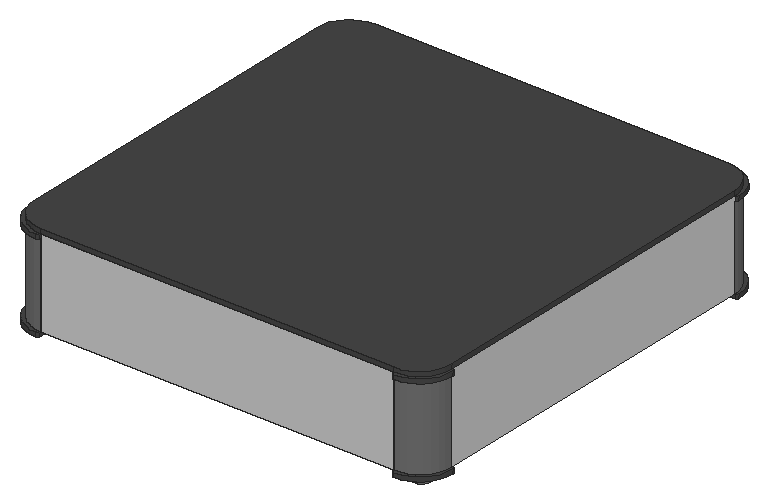
Revit family "QF_ADVENTYS_IE_1000_B-S_250902070153", category Specialty Equipment, Revit 2021
Family settings
  Round Connector Dimension = Use Diameter
  Part Type = Normal
  OmniClass Number = 23.40.40.14
  OmniClass Title = Food Service Equipment
  Work Plane-Based = No
  Always vertical = Yes
  Cut with Voids When Loaded = No
  Shared = No
  Room Calculation Point = No
Parameters (values of type "ADV1850")
  Weight in Pounds [instance] = 0
  Weight = 5.50 kg
  Warranty Start Date [instance] = ""
  Warranty Duration [instance] = ""
  Volts [instance] = 400 V
  URL Recommended Spares List = ""
  URL Manufacturer = ""
  URL Cutsheet = ""
  URL Critical Spares List = ""
  URL = "www.adventys.com"
  Tag Number [instance] = ""
  Status [instance] = ""
  Specification by User [instance] = ""
  Specification by Manufacturer [instance] = ""
  Sound Level [instance] = ""
  Solid Fuel Type [instance] = ""
  Service Life Duration [instance] = ""
  Serial Number [instance] = ""
  Seismic Rating [instance] = ""
  SMACNA No [instance] = ""
  Revision Code [instance] = ""
  Revision [instance] = ""
  Production Year [instance] = ""
  Point Load [instance] = 0
  Phase [instance] = 3
  Other Equipment Approvals [instance] = ""
  Number of Poles [instance] = 3
  NAFEM Spec ID Number [instance] = ""
  Model Warning [instance] = ""
  Model = "IE 1000 B-S"
  Min Ckt Ampacity [instance] = 0 A
  Max Overcurrent Protection [instance] = 10 A
  Masterspec [instance] = ""
  Manufacturer = "ADVENTYS"
  Length Actual = 390 mm
  Item Number [instance] = ""
  Installed By [instance] = ""
  Installation Date [instance] = ""
  Identify Quantity as Lot [instance] = no
  ID [instance] = ""
  Hygiene Approval [instance] = ""
  Hot Water Consumption = 0.0 L/s
  Height Actual = 96 mm
  HP power [instance] = ""
  Furnished By [instance] = ""
  Foodservice Equipment Identifier [instance] = no
  FL Amps [instance] = 1.4 A
  Electrical Remarks [instance] = "Plug not included"
  Electric power [instance] = 0 W
  Electric Connection Type [instance] = "Cord&Plug"
  Elec Conn RI Height [instance] = 0 mm
  Elec Conn Connection Height [instance] = 0 mm
  ETL Approved [instance] = no
  Description = "CUSTOMIZABLE 1 ZONE INDUCTION BUFFET"
  Depth Actual = 390 mm
  Default Elevation = 0 mm
  Cycle [instance] = 50 Hz
  Cost = 0
  Conn Plug [instance] = ""
  Conn Conduit [instance] = no
  CSI MasterFormat [instance] = ""
  CE Approved [instance] = no
  Barcode [instance] = 0
  Author [instance] = ""
  Asset Identifier [instance] = ""
  Apparent Power [instance] = 1000 VA
  Accessory = no
Reference planes
  plane 1 "Center (Front/Back)": y = 0
  plane 2: z = 0
  plane 3 "Center (Left/Right)": x = 0
Forms (mm)
  Extrusion 1, solid, not visible
    sketch origin (119.506, -2, 47.502) x (1, 0, 0) y (0, 1, 0)
      loop
        line (-2, 2) -> (-2, -2) -> (2, -2) -> (2, 2) -> (-2, 2)
    from -2 to 2
Dimensions and locks
  locked: Extrusion 1 to nested 2
  locked: nested 2 to Extrusion 1 at 2
  aligned and locked: level to plane 2
Nested families
  nested 1: "QF_ADVENTYS_ADV1850_2916" at (0, 0, 0), type "ADV1850"
    with Status "", Show Logo yes, Show Clearance yes
  nested 2: "CONN_POINT_ELE_2D___Generic_Annotation" at (119.506, 0, 47.502), type "CONN_POINT_ELE_2D___Generic_Annotation"
    with Onboard connection annotation symbol visibility yes
Connectors
  electrical at (119.506, 0, 47.502), driven by "Apparent Power", driven by "Number of Poles", driven by "Volts"
    settings: on Extrusion 1, index 1, voltage 400 V, apparent load 0 VA, apparent load phase1 1000 VA, apparent load phase2 0 VA, apparent load phase3 0 VA, power factor 1, load classification "Other", number of poles 3, system type 31, power factor state 1, is connector primary yes, connector utility no, sub classification motor no, connector description "Electrical connection for IE 1000 B-S"
Definition of nested family "QF_ADVENTYS_ADV1850_2916"
  Parameters (values of type "ADV1850")
    URL = "www.adventys.com"
    Status [instance] = ""
    Show Logo [instance] = yes
    Show Clearance [instance] = yes
    Model = "IE 1000 B-S"
    Manufacturer = "ADVENTYS"
    Description = "CUSTOMIZABLE 1 ZONE INDUCTION BUFFET"
    Default Elevation = 0 mm
    Author = "SPECIFI"
    Assembly Code = "E1090320"
  Reference planes
    plane 1 "Back": y = 0
    plane 2: z = 0
    plane 3 "Left": x = 0
    plane 4 "Right": x = 390
    plane 5 "Front": y = -390
    plane 6 "Top": z = 96
  Forms (mm)
    Extrusion 1, solid
      sketch origin (-437.879, -390, -60.3) x (1, 0, 0) y (0, 1, 0)
        loop
          line (437.879, 360) -> (437.879, 30) -> (467.879, 30) -> (467.879, 0) -> (797.879, 0) -> (797.879, 30) -> (827.879, 30) -> (827.879, 360) -> (797.879, 360) -> (797.879, 390) -> (577.879, 390) -> (577.879, 380) -> (482.879, 380) -> (482.879, 390) -> (467.879, 390) -> (467.879, 360) -> (437.879, 360)
      from 70.3 to 152.3
    Extrusion 2, solid
      sketch origin (30, -390, -14.006) x (1, 0, 0) y (0, 1, 0)
        loop
          line (0, 30) -> (-30.98, 30)
          arc (-30.98, 30) -> (-32.402, 29.388) -> (-32.935, 27.935) r 1.958
          arc (-32.935, 27.935) -> (-23.852, 6.102) -> (-2, -2.935) r 30.935
          arc (-2, -2.935) -> (-0.586, -2.35) -> (0, -0.935) r 2
          line (0, -0.935) -> (0, 30)
        loop
          line (330, 30) -> (330, -0.935)
          arc (330, -0.935) -> (330.586, -2.35) -> (332, -2.935) r 2
          arc (332, -2.935) -> (353.852, 6.102) -> (362.935, 27.935) r 30.935
          arc (362.935, 27.935) -> (362.402, 29.388) -> (360.98, 30) r 1.958
          line (360.98, 30) -> (330, 30)
        loop
          line (0, 360) -> (0, 390.935)
          arc (0, 390.935) -> (-0.586, 392.35) -> (-2, 392.935) r 2
          arc (-2, 392.935) -> (-23.852, 383.898) -> (-32.935, 362.065) r 30.935
          arc (-32.935, 362.065) -> (-32.402, 360.612) -> (-30.98, 360) r 1.958
          line (-30.98, 360) -> (0, 360)
        loop
          line (330, 360) -> (360.98, 360)
          arc (360.98, 360) -> (362.402, 360.612) -> (362.935, 362.065) r 1.958
          arc (362.935, 362.065) -> (353.852, 383.898) -> (332, 392.935) r 30.935
          arc (332, 392.935) -> (330.586, 392.35) -> (330, 390.935) r 2
          line (330, 390.935) -> (330, 360)
      from 20.006 to 24.006
    Extrusion 3, solid
      sketch origin (-430.601, -391.294, 0.995) x (1, 0, 0) y (0, 1, 0)
        loop
          circle (803.349, 18.158) r 8
        loop
          circle (447.454, 18.158) r 8
        loop
          circle (803.349, 374.212) r 8
        loop
          circle (447.454, 374.212) r 8
      from -0.995 to 5
    Extrusion 4, solid
      sketch origin (30, -390, 71.994) x (1, 0, 0) y (0, 1, 0)
        loop
          line (0, 0) -> (330, 0)
          arc (330, 0) -> (351.213, 8.787) -> (360, 30) r 30
          line (360, 30) -> (360, 360)
          arc (360, 360) -> (351.213, 381.213) -> (330, 390) r 30
          line (330, 390) -> (0, 390)
          arc (0, 390) -> (-21.213, 381.213) -> (-30, 360) r 30
          line (-30, 360) -> (-30, 30)
          arc (-30, 30) -> (-21.213, 8.787) -> (0, 0) r 30
      from 20.006 to 24.006
    Extrusion 5, solid
      sketch origin (30, -390, 67.994) x (1, 0, 0) y (0, 1, 0)
        loop
          arc (330, 390) -> (351.213, 381.213) -> (360, 360) r 30
          line (360, 360) -> (360.98, 360)
          arc (360.98, 360) -> (362.402, 360.612) -> (362.935, 362.065) r 1.958
          arc (362.935, 362.065) -> (353.852, 383.898) -> (332, 392.935) r 30.935
          arc (332, 392.935) -> (330.586, 392.35) -> (330, 390.935) r 2
          line (330, 390.935) -> (330, 390)
        loop
          line (330, 0) -> (330, -0.935)
          arc (330, -0.935) -> (330.586, -2.35) -> (332, -2.935) r 2
          arc (332, -2.935) -> (353.852, 6.102) -> (362.935, 27.935) r 30.935
          arc (362.935, 27.935) -> (362.402, 29.388) -> (360.98, 30) r 1.958
          line (360.98, 30) -> (360, 30)
          arc (360, 30) -> (351.213, 8.787) -> (330, 0) r 30
        loop
          line (0, 390) -> (0, 390.935)
          arc (0, 390.935) -> (-0.586, 392.35) -> (-2, 392.935) r 2
          arc (-2, 392.935) -> (-23.852, 383.898) -> (-32.935, 362.065) r 30.935
          arc (-32.935, 362.065) -> (-32.402, 360.612) -> (-30.98, 360) r 1.958
          line (-30.98, 360) -> (-30, 360)
          arc (-30, 360) -> (-21.213, 381.213) -> (0, 390) r 30
        loop
          arc (0, 0) -> (-21.213, 8.787) -> (-30, 30) r 30
          line (-30, 30) -> (-30.98, 30)
          arc (-30.98, 30) -> (-32.402, 29.388) -> (-32.935, 27.935) r 1.958
          arc (-32.935, 27.935) -> (-23.852, 6.102) -> (-2, -2.935) r 30.935
          arc (-2, -2.935) -> (-0.586, -2.35) -> (0, -0.935) r 2
          line (0, -0.935) -> (0, 0)
      from 20.006 to 24.006
    Extrusion 6, solid
      sketch origin (929.629, 0.2, -60.3) x (1, 0, 0) y (0, 0, 1)
        loop
          line (-603.629, 131.7) -> (-763.629, 131.7)
          arc (-763.629, 131.7) -> (-767.164, 130.236) -> (-768.629, 126.7) r 5
          line (-768.629, 126.7) -> (-768.629, 96.7)
          arc (-768.629, 96.7) -> (-767.164, 93.164) -> (-763.629, 91.7) r 5
          line (-763.629, 91.7) -> (-603.629, 91.7)
          arc (-603.629, 91.7) -> (-600.093, 93.164) -> (-598.629, 96.7) r 5
          line (-598.629, 96.7) -> (-598.629, 126.7)
          arc (-598.629, 126.7) -> (-600.093, 130.236) -> (-603.629, 131.7) r 5
      from -0.2 to 1.8
    Extrusion 7, solid
      sketch origin (1008.007, 0.6, -0.3) x (1, 0, 0) y (0, 0, 1)
        loop
          line (-925.507, 59.78) -> (-958.507, 59.78)
          arc (-958.507, 59.78) -> (-959.214, 59.487) -> (-959.507, 58.78) r 1
          line (-959.507, 58.78) -> (-959.507, 33.78)
          arc (-959.507, 33.78) -> (-959.214, 33.073) -> (-958.507, 32.78) r 1
          line (-958.507, 32.78) -> (-925.507, 32.78)
          arc (-925.507, 32.78) -> (-924.8, 33.073) -> (-924.507, 33.78) r 1
          line (-924.507, 33.78) -> (-924.507, 58.78)
          arc (-924.507, 58.78) -> (-924.8, 59.487) -> (-925.507, 59.78) r 1
        loop
          line (-933.072, 56.28) -> (-950.243, 56.28) -> (-955.657, 50.866) -> (-955.657, 39.28)
          arc (-955.657, 39.28) -> (-954.779, 37.159) -> (-952.657, 36.28) r 3
          line (-952.657, 36.28) -> (-930.657, 36.28)
          arc (-930.657, 36.28) -> (-928.536, 37.159) -> (-927.657, 39.28) r 3
          line (-927.657, 39.28) -> (-927.657, 50.866) -> (-933.072, 56.28)
      from -1.4 to 0.6
    Extrusion 8, solid
      sketch origin (621.129, 0.1, -1.33) x (1, 0, 0) y (0, 0, 1)
        loop
          line (-487.629, 59.78) -> (-515.629, 59.78)
          arc (-515.629, 59.78) -> (-516.336, 59.487) -> (-516.629, 58.78) r 1
          line (-516.629, 58.78) -> (-516.629, 26.78)
          arc (-516.629, 26.78) -> (-516.336, 26.073) -> (-515.629, 25.78) r 1
          line (-515.629, 25.78) -> (-487.629, 25.78)
          arc (-487.629, 25.78) -> (-486.922, 26.073) -> (-486.629, 26.78) r 1
          line (-486.629, 26.78) -> (-486.629, 58.78)
          arc (-486.629, 58.78) -> (-486.922, 59.487) -> (-487.629, 59.78) r 1
        loop
          line (-495.043, 55.85) -> (-508.214, 55.85) -> (-512.629, 51.436) -> (-512.629, 44.35)
          arc (-512.629, 44.35) -> (-511.75, 42.229) -> (-509.629, 41.35) r 3
          line (-509.629, 41.35) -> (-493.629, 41.35)
          arc (-493.629, 41.35) -> (-491.507, 42.229) -> (-490.629, 44.35) r 3
          line (-490.629, 44.35) -> (-490.629, 51.436) -> (-495.043, 55.85)
      from -1.9 to 0.1
    Extrusion 9, solid
      sketch origin (-437.629, 0.6, -0.3) x (-1, 0, 0) y (0, 0, -1)
        loop
          line (-663.129, -58.2) -> (-663.129, -45.2) -> (-704.129, -45.2) -> (-704.129, -58.2) -> (-663.129, -58.2)
      from 0 to 2
    Extrusion 10, solid
      sketch origin (-437.629, -55.341, -0.3) x (-1, 0, 0) y (0, 0, -1)
        loop
          line (-647.129, -55.95) -> (-647.129, -47.45)
          arc (-647.129, -47.45) -> (-647.788, -45.859) -> (-649.379, -45.2) r 2.25
          line (-649.379, -45.2) -> (-657.879, -45.2)
          arc (-657.879, -45.2) -> (-659.47, -45.859) -> (-660.129, -47.45) r 2.25
          line (-660.129, -47.45) -> (-660.129, -55.95)
          arc (-660.129, -55.95) -> (-659.47, -57.541) -> (-657.879, -58.2) r 2.25
          line (-657.879, -58.2) -> (-649.379, -58.2)
          arc (-649.379, -58.2) -> (-647.788, -57.541) -> (-647.129, -55.95) r 2.25
        loop
          line (-653.229, -55.7) -> (-653.229, -52.1) -> (-649.629, -52.1) -> (-649.629, -51.3) -> (-653.229, -51.3) -> (-653.229, -47.7) -> (-654.029, -47.7) -> (-654.029, -51.3) -> (-657.629, -51.3) -> (-657.629, -52.1) -> (-654.029, -52.1) -> (-654.029, -55.7) -> (-653.229, -55.7)
        loop
          line (-707.129, -55.95) -> (-707.129, -47.45)
          arc (-707.129, -47.45) -> (-707.788, -45.859) -> (-709.379, -45.2) r 2.25
          line (-709.379, -45.2) -> (-717.879, -45.2)
          arc (-717.879, -45.2) -> (-719.47, -45.859) -> (-720.129, -47.45) r 2.25
          line (-720.129, -47.45) -> (-720.129, -55.95)
          arc (-720.129, -55.95) -> (-719.47, -57.541) -> (-717.879, -58.2) r 2.25
          line (-717.879, -58.2) -> (-709.379, -58.2)
          arc (-709.379, -58.2) -> (-707.788, -57.541) -> (-707.129, -55.95) r 2.25
        loop
          line (-709.629, -52.1) -> (-709.629, -51.3) -> (-717.629, -51.3) -> (-717.629, -52.1) -> (-709.629, -52.1)
        loop
          circle (-733.525, -51.7) r 6.5
        loop
          line (-733.229, -55.7) -> (-733.229, -47.7) -> (-734.029, -47.7) -> (-734.029, -55.7) -> (-733.229, -55.7)
      from -55.941 to -53.941
    Extrusion 11, solid
      sketch origin (390, 0, -0.3) x (1, 0, 0) y (0, 0, 1)
        loop
          line (-315.064, 56.28) -> (-332.236, 56.28) -> (-337.65, 50.866) -> (-337.65, 39.28)
          arc (-337.65, 39.28) -> (-336.771, 37.159) -> (-334.65, 36.28) r 3
          line (-334.65, 36.28) -> (-312.65, 36.28)
          arc (-312.65, 36.28) -> (-310.529, 37.159) -> (-309.65, 39.28) r 3
          line (-309.65, 39.28) -> (-309.65, 50.866) -> (-315.064, 56.28)
        loop
          arc (-314.288, 56.918) -> (-314.636, 57.185) -> (-315.064, 57.28) r 1.013
          line (-315.064, 57.28) -> (-332.236, 57.28)
          arc (-332.236, 57.28) -> (-332.664, 57.185) -> (-333.012, 56.918) r 1.013
          line (-333.012, 56.918) -> (-338.357, 51.573)
          arc (-338.357, 51.573) -> (-338.593, 51.203) -> (-338.65, 50.768) r 1.013
          line (-338.65, 50.768) -> (-338.65, 39.28)
          arc (-338.65, 39.28) -> (-337.478, 36.452) -> (-334.65, 35.28) r 4
          line (-334.65, 35.28) -> (-312.65, 35.28)
          arc (-312.65, 35.28) -> (-309.822, 36.452) -> (-308.65, 39.28) r 4
          line (-308.65, 39.28) -> (-308.65, 50.866)
          arc (-308.65, 50.866) -> (-308.754, 51.316) -> (-309.044, 51.674) r 1.026
          line (-309.044, 51.674) -> (-314.288, 56.918)
      from 0 to 10
    Extrusion 12, solid
      sketch origin (1007.504, -0.4, -7.495) x (1, 0, 0) y (0, 0, 1)
        loop
          line (-932.568, 63.475) -> (-949.74, 63.475) -> (-955.154, 58.061) -> (-955.154, 46.475)
          arc (-955.154, 46.475) -> (-954.276, 44.354) -> (-952.154, 43.475) r 3
          line (-952.154, 43.475) -> (-930.154, 43.475)
          arc (-930.154, 43.475) -> (-928.033, 44.354) -> (-927.154, 46.475) r 3
          line (-927.154, 46.475) -> (-927.154, 58.061) -> (-932.568, 63.475)
      from 9.19 to 10.6
    Extrusion 13, solid
      sketch origin (440, 0, -0.3) x (1, 0, 0) y (0, 0, 1)
        loop
          line (-309.5, 43.32) -> (-309.5, 50.406) -> (-313.914, 54.82) -> (-327.086, 54.82) -> (-331.5, 50.406) -> (-331.5, 43.32)
          arc (-331.5, 43.32) -> (-330.621, 41.199) -> (-328.5, 40.32) r 3
          line (-328.5, 40.32) -> (-312.5, 40.32)
          arc (-312.5, 40.32) -> (-310.379, 41.199) -> (-309.5, 43.32) r 3
        loop
          line (-327.5, 55.82) -> (-332.5, 50.82) -> (-332.5, 42.32)
          arc (-332.5, 42.32) -> (-331.621, 40.199) -> (-329.5, 39.32) r 3
          line (-329.5, 39.32) -> (-311.5, 39.32)
          arc (-311.5, 39.32) -> (-309.379, 40.199) -> (-308.5, 42.32) r 3
          line (-308.5, 42.32) -> (-308.5, 50.82) -> (-313.5, 55.82) -> (-327.5, 55.82)
      from 0 to 10
    Extrusion 14, solid
      sketch origin (1057.654, -0.4, -7.955) x (1, 0, 0) y (0, 0, 1)
        loop
          line (-931.568, 62.475) -> (-944.74, 62.475) -> (-949.154, 58.061) -> (-949.154, 50.975)
          arc (-949.154, 50.975) -> (-948.276, 48.854) -> (-946.154, 47.975) r 3
          line (-946.154, 47.975) -> (-930.154, 47.975)
          arc (-930.154, 47.975) -> (-928.033, 48.854) -> (-927.154, 50.975) r 3
          line (-927.154, 50.975) -> (-927.154, 58.061) -> (-931.568, 62.475)
      from 9.19 to 10.6
    Extrusion 15, solid
      sketch origin (386.871, 0, -0.3) x (1, 0, 0) y (0, 0, 1)
        loop
          line (-310.164, 49.073) -> (-314.565, 53.473)
          arc (-314.565, 53.473) -> (-314.936, 53.701) -> (-315.363, 53.78) r 1.194
          line (-315.363, 53.78) -> (-326.359, 53.78)
          arc (-326.359, 53.78) -> (-326.794, 53.723) -> (-327.164, 53.487) r 1.013
          line (-327.164, 53.487) -> (-331.539, 49.112)
          arc (-331.539, 49.112) -> (-331.784, 48.774) -> (-331.871, 48.366) r 1.005
          line (-331.871, 48.366) -> (-331.871, 41.28)
          arc (-331.871, 41.28) -> (-331.139, 39.512) -> (-329.371, 38.78) r 2.5
          line (-329.371, 38.78) -> (-312.371, 38.78)
          arc (-312.371, 38.78) -> (-310.604, 39.512) -> (-309.871, 41.28) r 2.5
          line (-309.871, 41.28) -> (-309.871, 48.348)
          arc (-309.871, 48.348) -> (-309.935, 48.744) -> (-310.164, 49.073) r 0.897
        loop
          line (-319.371, 45.78) -> (-319.371, 50.78) -> (-322.371, 50.78) -> (-322.371, 45.78) -> (-319.371, 45.78)
        loop
          line (-312.371, 41.48) -> (-312.371, 46.48) -> (-315.371, 46.48) -> (-315.371, 41.48) -> (-312.371, 41.48)
        loop
          line (-326.371, 41.48) -> (-326.371, 46.48) -> (-329.371, 46.48) -> (-329.371, 41.48) -> (-326.371, 41.48)
      from -2 to 10
    Extrusion 16, solid
      sketch origin (440, 0, -0.3) x (1, 0, 0) y (0, 0, 1)
        loop
          line (-319.5, 50.82) -> (-321.5, 50.82) -> (-321.5, 47.82) -> (-319.5, 47.82) -> (-319.5, 50.82)
        loop
          line (-312.5, 46.32) -> (-314.5, 46.32) -> (-314.5, 43.32) -> (-312.5, 43.32) -> (-312.5, 46.32)
        loop
          line (-326.5, 46.32) -> (-328.5, 46.32) -> (-328.5, 43.32) -> (-326.5, 43.32) -> (-326.5, 46.32)
      from 0.6 to 10
    Blend 17, solid
      base sketch origin (390, 0, -0.3) x (1, 0, 0) y (0, 0, 1)
        loop
          line (-269.5, 50.82) -> (-271.5, 50.82) -> (-271.5, 47.82) -> (-269.5, 47.82) -> (-269.5, 50.82)
      top sketch origin (390, 0, -0.3) x (1, 0, 0) y (0, 0, 1)
        loop
          line (-270, 48.32) -> (-270, 50.32) -> (-271, 50.32) -> (-271, 48.32) -> (-270, 48.32)
      from 0.6 to -1.4
    Blend 18, solid
      base sketch origin (397, 0, -4.8) x (1, 0, 0) y (0, 0, 1)
        loop
          line (-269.5, 50.82) -> (-271.5, 50.82) -> (-271.5, 47.82) -> (-269.5, 47.82) -> (-269.5, 50.82)
      top sketch origin (397, 0, -4.8) x (1, 0, 0) y (0, 0, 1)
        loop
          line (-270, 48.32) -> (-270, 50.32) -> (-271, 50.32) -> (-271, 48.32) -> (-270, 48.32)
      from 0.6 to -1.4
    Blend 19, solid
      base sketch origin (383, 0, -4.8) x (1, 0, 0) y (0, 0, 1)
        loop
          line (-269.5, 50.82) -> (-271.5, 50.82) -> (-271.5, 47.82) -> (-269.5, 47.82) -> (-269.5, 50.82)
      top sketch origin (383, 0, -4.8) x (1, 0, 0) y (0, 0, 1)
        loop
          line (-270, 48.32) -> (-270, 50.32) -> (-271, 50.32) -> (-271, 48.32) -> (-270, 48.32)
      from 0.6 to -1.4
    Extrusion 20, solid
      sketch origin (392.221, 0, -0.3) x (1, 0, 0) y (0, 0, 1)
        loop
          line (-252.221, 92.3) -> (-347.221, 92.3) -> (-347.221, 10.3) -> (-252.221, 10.3) -> (-252.221, 92.3)
        loop
          arc (-263.721, 39.32) -> (-261.6, 40.199) -> (-260.721, 42.32) r 3
          line (-260.721, 42.32) -> (-260.721, 50.82) -> (-265.721, 55.82) -> (-279.721, 55.82) -> (-284.721, 50.82) -> (-284.721, 42.32)
          arc (-284.721, 42.32) -> (-283.843, 40.199) -> (-281.721, 39.32) r 3
          line (-281.721, 39.32) -> (-263.721, 39.32)
        loop
          line (-317.286, 57.28) -> (-334.457, 57.28)
          arc (-334.457, 57.28) -> (-334.885, 57.185) -> (-335.233, 56.918) r 1.013
          line (-335.233, 56.918) -> (-340.578, 51.573)
          arc (-340.578, 51.573) -> (-340.814, 51.203) -> (-340.871, 50.768) r 1.013
          line (-340.871, 50.768) -> (-340.871, 39.28)
          arc (-340.871, 39.28) -> (-339.7, 36.452) -> (-336.871, 35.28) r 4
          line (-336.871, 35.28) -> (-314.871, 35.28)
          arc (-314.871, 35.28) -> (-312.043, 36.452) -> (-310.871, 39.28) r 4
          line (-310.871, 39.28) -> (-310.871, 50.866)
          arc (-310.871, 50.866) -> (-310.975, 51.316) -> (-311.266, 51.674) r 1.026
          line (-311.266, 51.674) -> (-316.509, 56.918)
          arc (-316.509, 56.918) -> (-316.857, 57.185) -> (-317.286, 57.28) r 1.013
      from 0 to 10
    Extrusion 21, solid
      sketch origin (390, -390, 0) x (-1, 0, 0) y (0, -1, 0)
        loop
          arc (30, 0) -> (8.787, -8.787) -> (0, -30) r 30
          line (0, -30) -> (30, -30) -> (30, 0)
      from 10 to 88
    Extrusion 22, solid
      sketch origin (0, -390, 0) x (1, 0, 0) y (0, 1, 0)
        loop
          line (30, 0) -> (30, 30) -> (0, 30)
          arc (0, 30) -> (8.787, 8.787) -> (30, 0) r 30
      from 10 to 88
    Extrusion 23, solid
      sketch origin (390, 0, 0) x (-1, 0, 0) y (0, -1, 0)
        loop
          line (30, 0) -> (30, 30) -> (0, 30)
          arc (0, 30) -> (8.787, 8.787) -> (30, 0) r 30
      from 10 to 88
    Extrusion 24, solid
      sketch origin (0, 0, 0) x (1, 0, 0) y (0, 1, 0)
        loop
          arc (30, 0) -> (8.787, -8.787) -> (0, -30) r 30
          line (0, -30) -> (30, -30) -> (30, 0)
      from 10 to 88
  Cuts and joins
    joined: Extrusion 1, Extrusion 20
  Lines and regions (mm)
    symbolic lines
      curve 1: line (0, -360, 0) -> (0, -30, 0)
      curve 2: line (30, 0, 0) -> (360, 0, 0)
      curve 3: line (390, -30, 0) -> (390, -360, 0)
      curve 4: line (360, -390, 0) -> (30, -390, 0)
      curve 5: arc (0, -360, 0) -> (8.787, -381.213, 0) -> (30, -390, 0) r 30
      curve 6: arc (360, -390, 0) -> (381.213, -381.213, 0) -> (390, -360, 0) r 30
      curve 7: arc (0, -30, 0) -> (8.787, -8.787, 0) -> (30, 0, 0) r 30
      curve 8: arc (360, 0, 0) -> (381.213, -8.787, 0) -> (390, -30, 0) r 30
      curve 9: line (0, -360, 0) -> (-0.98, -360, 0)
      curve 10: arc (-0.98, -360, 0) -> (-2.365, -360.574, 0) -> (-2.938, -361.958, 0) r 1.958
      curve 11: arc (-2.938, -361.958, 0) -> (6.135, -383.862, 0) -> (28.039, -392.935, 0) r 30.977
      curve 12: arc (28.039, -392.935, 0) -> (29.426, -392.361, 0) -> (30, -390.974, 0) r 1.961
      curve 13: line (30, -390.974, 0) -> (30, -390, 0)
      curve 14: line (390, -360, 0) -> (390.98, -360, 0)
      curve 15: arc (390.98, -360, 0) -> (392.365, -360.574, 0) -> (392.938, -361.958, 0) r 1.958
      curve 16: arc (392.938, -361.958, 0) -> (383.865, -383.862, 0) -> (361.961, -392.935, 0) r 30.977
      curve 17: arc (361.961, -392.935, 0) -> (360.574, -392.361, 0) -> (360, -390.974, 0) r 1.961
      curve 18: line (360, -390.974, 0) -> (360, -390, 0)
      curve 19: line (0, -30, 0) -> (-0.98, -30, 0)
      curve 20: arc (-0.98, -30, 0) -> (-2.365, -29.426, 0) -> (-2.938, -28.042, 0) r 1.958
      curve 21: arc (-2.938, -28.042, 0) -> (6.135, -6.138, 0) -> (28.039, 2.935, 0) r 30.977
      curve 22: arc (28.039, 2.935, 0) -> (29.426, 2.361, 0) -> (30, 0.974, 0) r 1.961
      curve 23: line (30, 0.974, 0) -> (30, 0, 0)
      curve 24: line (390, -30, 0) -> (390.98, -30, 0)
      curve 25: arc (390.98, -30, 0) -> (392.365, -29.426, 0) -> (392.938, -28.042, 0) r 1.958
      curve 26: arc (392.938, -28.042, 0) -> (383.865, -6.138, 0) -> (361.961, 2.935, 0) r 30.977
      curve 27: arc (361.961, 2.935, 0) -> (360.574, 2.361, 0) -> (360, 0.974, 0) r 1.961
      curve 28: line (360, 0.974, 0) -> (360, 0, 0)
  Dimensions and locks
    plane 6 "Top" to level = 96 mm
    plane 3 "Left" to plane 4 "Right" = 390 mm
    plane 5 "Front" to plane 1 "Back" = 390 mm
    aligned and locked: level to plane 2
Definition of nested family "CONN_POINT_ELE_2D___Generic_Annotation"
  Parameters (values of type "CONN_POINT_ELE_2D___Generic_Annotation")
    Onboard connection annotation symbol visibility [instance] = yes
  Reference planes
    plane 1: y = 0
    plane 2: x = 0
  Lines and regions (mm)
    detail lines, visible <- "Onboard connection annotation symbol visibility"
      curve 1: circle (0, 0, 0) r 0.5 normal (0, 0, 1)
      curve 2: line (-1, 0, 0) -> (1, 0, 0)
      curve 3: line (0, 1, 0) -> (0, -1, 0)
      curve 4: line (2.5, 1, 0) -> (1.25, 1, 0)
      curve 5: line (1.25, 1, 0) -> (1.25, -1, 0)
      curve 6: line (1.25, -1, 0) -> (2.5, -1, 0)
      curve 7: line (1.25, 0, 0) -> (2, 0, 0)
